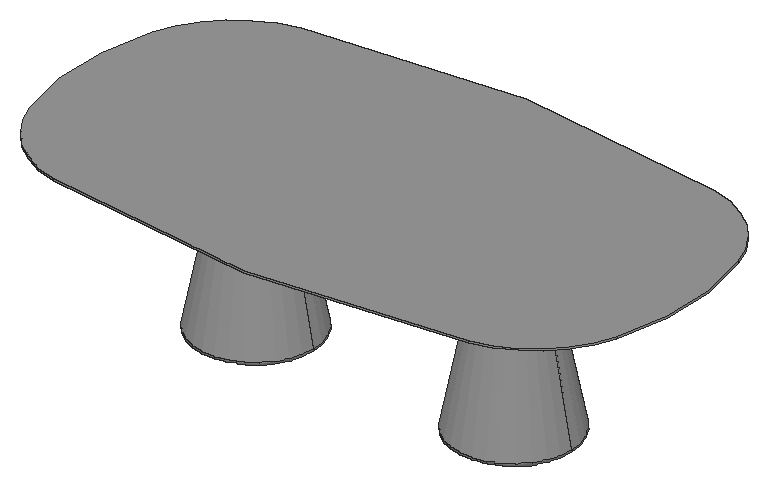
Revit family "Andreu World Reverse Conference ME5017", category Mobiliario, Revit 2014
Parameters (values of type "ME-5017 2600x1500 Lacquered")
  URL = "http://www.andreuworld.com/"
  Top Thickness = 30 mm
  Top Material = Andreu World Lacquered
  Top Length = 2600 mm
  Top Base = 715 mm
  Top Width = 1500 mm
  Top = yes
  Reference = "ME-5017"
  R Base = 250 mm
  Modelo = "Reverse Conference"
  Height = 715 mm
  Fabricante = "Andreu World"
  Descripción = "Table"
  Base position = 750 mm
  Base Material = Andreu World Thermo-polymer White
  Base Height [instance] = 715 mm
Reference planes
  plane 1 "Centro (Frontal/Posterior)": y = 0
  plane 2: z = 0
  plane 3 "Base Height": z = 715
  plane 4: z = 510
  plane 5: z = 10
  plane 6 "Top thickness": z = 745
  plane 7: z = 738
  plane 8 "Glass": z = 750
  plane 9: x = 897.159
  plane 10: x = -402.841
  plane 11: y = 750
  plane 12: x = 2197.159
  plane 13: y = -750
  plane 14: y = 680
  plane 15: x = 2127.159
  plane 16: y = -680
  plane 17: x = -332.841
  plane 18: x = 347.159
  plane 19: x = 1447.159
Forms (mm)
  Revolve 1, solid, material "Andreu World Thermo-polymer White" <- "Base Material", detail levels medium+fine
    sketch origin (60, 0, 0) x (1, 0, 0) y (0, 0, 1)
      loop
        line (287.159, 715) -> (287.159, 0) -> (527.497, 0)
        arc (527.497, 0) -> (534.895, 3.506) -> (536.866, 11.451) r 9.558
        line (536.866, 11.451) -> (437.159, 510) -> (437.159, 715) -> (287.159, 715)
      axis (287.159, 715) -> (287.159, 0)
    angle from 0 to 360
  Extrusion 2, solid, material "Andreu World Lacquered" <- "Top Material", visible <- "Top", detail levels medium+fine
    sketch origin (0, 0, 0) x (1, 0, 0) y (0, 1, 0)
      loop
        arc (28.96, 590.716) -> (-166.532, 491.281) -> (-285.245, 306.858) r 420
        arc (-285.245, 306.858) -> (-332.841, 0) -> (-285.245, -306.858) r 1012.971
        arc (-285.245, -306.858) -> (-166.532, -491.281) -> (28.96, -590.716) r 420
        arc (28.96, -590.716) -> (898.445, -679.998) -> (1767.618, -587.729) r 4208.049
        arc (1767.618, -587.729) -> (1962.972, -487.437) -> (2081.011, -302.265) r 420
        arc (2081.011, -302.265) -> (2127.159, 0) -> (2081.011, 302.265) r 1012.971
        arc (2081.011, 302.265) -> (1962.972, 487.437) -> (1767.618, 587.729) r 420
        arc (1767.618, 587.729) -> (898.445, 679.998) -> (28.96, 590.716) r 4208.049
    from 715 to 745
  Sweep 3, solid, material "Andreu World Lacquered" <- "Top Material", visible <- "Top", detail levels medium+fine
    path in 3D
      loop
        arc (28.96, -590.716, 745) -> (-166.532, -491.281, 745) -> (-285.245, -306.858, 745) r 420
        arc (-285.245, -306.858, 745) -> (-332.841, 0, 745) -> (-285.245, 306.858, 745) r 1012.971
        arc (-285.245, 306.858, 745) -> (-166.532, 491.281, 745) -> (28.96, 590.716, 745) r 420
        arc (28.96, 590.716, 745) -> (898.445, 679.998, 745) -> (1767.618, 587.729, 745) r 4208.049
        arc (1767.618, 587.729, 745) -> (1962.972, 487.437, 745) -> (2081.011, 302.265, 745) r 420
        arc (2081.011, 302.265, 745) -> (2127.159, 0, 745) -> (2081.011, -302.265, 745) r 1012.971
        arc (2081.011, -302.265, 745) -> (1962.972, -487.437, 745) -> (1767.618, -587.729, 745) r 420
        arc (1767.618, -587.729, 745) -> (898.445, -679.998, 745) -> (28.96, -590.716, 745) r 4208.049
    profile origin (898.445, -679.998, 745) x (0.001718, -0.999999, 0) y (0, 0, 1)
      loop
        line (0, -30) -> (70, -7) -> (70, 0) -> (0, 0) -> (0, -30)
  Revolve 4, solid, material "Andreu World Thermo-polymer White" <- "Base Material", detail levels medium+fine
    sketch origin (1734.318, 0, 0) x (-1, 0, 0) y (0, 0, -1)
      loop
        line (287.159, -715) -> (437.159, -715) -> (437.159, -510) -> (536.866, -11.451)
        arc (536.866, -11.451) -> (534.895, -3.506) -> (527.497, 0) r 9.558
        line (527.497, 0) -> (287.159, 0) -> (287.159, -715)
      axis (287.159, -715) -> (287.159, 0)
    angle from 0 to 360
Cuts and joins
  joined: Extrusion 2, Sweep 3
Lines and regions (mm)
  model lines, detail levels coarse+medium
    curve 1: circle (347.159, 0, 0) r 250 normal (0, 0, 1)
    curve 18: circle (1447.159, 0, 0) r 250 normal (0, 0, -1)
  sketch lines
    curve 2: arc (1767.618, -587.729, 745) -> (898.445, -679.998, 745) -> (28.96, -590.716, 745) r 4208.049
    curve 3: arc (2081.011, -302.265, 745) -> (1962.972, -487.437, 745) -> (1767.618, -587.729, 745) r 420
    curve 4: arc (2081.011, 302.265, 745) -> (2127.159, 0, 745) -> (2081.011, -302.265, 745) r 1012.971
    curve 5: arc (1767.618, 587.729, 745) -> (1962.972, 487.437, 745) -> (2081.011, 302.265, 745) r 420
    curve 6: arc (28.96, 590.716, 745) -> (898.445, 679.998, 745) -> (1767.618, 587.729, 745) r 4208.049
    curve 7: arc (-285.245, 306.858, 745) -> (-166.532, 491.281, 745) -> (28.96, 590.716, 745) r 420
    curve 8: arc (-285.245, -306.858, 745) -> (-332.841, 0, 745) -> (-285.245, 306.858, 745) r 1012.971
    curve 9: arc (28.96, -590.716, 745) -> (-166.532, -491.281, 745) -> (-285.245, -306.858, 745) r 420
  model lines, visible <- "Top", detail levels coarse+medium
    curve 10: arc (2147.062, 326.018, 0) -> (2197.296, 0, 0) -> (2147.062, -326.018, 0) r 1083.054
    curve 11: arc (-354.917, -318.401, 0) -> (-402.787, 0, 0) -> (-354.917, 318.401, 0) r 1082.854
    curve 12: arc (1782.196, -656.194, 0) -> (898.565, -749.998, 0) -> (14.617, -659.231, 0) r 4278.049
    curve 13: arc (14.617, -659.231, 0) -> (-217.19, -539.817, 0) -> (-354.917, -318.401, 0) r 490
    curve 14: arc (2147.822, -323.152, 0) -> (2010.11, -539.186, 0) -> (1782.196, -656.194, 0) r 490
    curve 15: arc (1782.196, 656.194, 0) -> (2010.11, 539.186, 0) -> (2147.822, 323.152, 0) r 490
    curve 16: arc (14.617, 659.231, 0) -> (898.565, 749.998, 0) -> (1782.196, 656.194, 0) r 4278.049
    curve 17: arc (-354.917, 318.401, 0) -> (-217.19, 539.817, 0) -> (14.617, 659.231, 0) r 490
Dimensions and locks
  locked: plane 5 to level at 10
  "Height": plane 3 "Base Height" to level
  plane 3 "Base Height" to plane 4 = 205 mm
  "Top Thickness": plane 6 "Top thickness" to plane 3 "Base Height"
  locked: plane 6 "Top thickness" to plane 7 at 7
  plane 8 "Glass" to plane 6 "Top thickness" = 5 mm
  "Top Width": plane 11 to plane 13
  equal spacing: plane 11, plane 1 "Centro (Frontal/Posterior)", plane 13
  "Top Length": plane 10 to plane 12
  equal spacing: plane 10, plane 9, plane 12
  locked: plane 10 to plane 17 at 70
  locked: plane 15 to plane 12 at 70
  locked: plane 16 to plane 13 at 70
  locked: plane 11 to plane 14 at 70
  "Base Height": plane 3 "Base Height" to level
  "Base position": plane 10 to plane 18
  "Base position": plane 12 to plane 19
  "R Base": radius of curve 1
  "R Base": radius of curve 18
  aligned and locked: level to plane 2
  aligned and locked: plane 3 "Base Height" to Revolve 1 sketch curve
  aligned and locked: Revolve 1 sketch curve to level
  aligned and locked: Revolve 1 sketch curve to Revolve 1 sketch curve
  aligned and locked: Extrusion 2 to plane 3 "Base Height"
  aligned and locked: Sweep 3 sketch curve to profile plane  (x2)
  aligned and locked: curve 12 to cut or joined group of Extrusion 2, Sweep 3
  aligned and locked: curve 13 to cut or joined group of Extrusion 2, Sweep 3
  aligned and locked: curve 14 to cut or joined group of Extrusion 2, Sweep 3
  aligned and locked: curve 15 to cut or joined group of Extrusion 2, Sweep 3
  aligned and locked: curve 16 to cut or joined group of Extrusion 2, Sweep 3
  aligned and locked: curve 17 to cut or joined group of Extrusion 2, Sweep 3
  aligned and locked: Revolve 4 sketch curve to Revolve 4 sketch curve
Automatic sketch dimensions
  plane 1 "Centro (Frontal/Posterior)" to curve 1 = 0 mm
  curve 1 to plane 18 = 0 mm
  plane 1 "Centro (Frontal/Posterior)" to curve 11 = 0 mm
  plane 1 "Centro (Frontal/Posterior)" to curve 10 = 0 mm
  plane 1 "Centro (Frontal/Posterior)" to curve 18 = 0 mm
  curve 18 to plane 19 = 0 mm
  curve 11 to plane 9 = 217.091 mm
  plane 9 to curve 10 = 217.082 mm
  curve 17 to plane 17 = 22.077 mm
  plane 15 to curve 10 = 19.903 mm  (x2)
  curve 10 to curve 14 = 0.76 mm
  curve 10 to curve 15 = 0.76 mm
  curve 10 to curve 14 = 2.865 mm
  plane 18 to Revolve 1 sketch curve = 0 mm
  Revolve 1 sketch curve to plane 4 = 0 mm
  Revolve 1 sketch curve to level = 0 mm
  Revolve 1 sketch curve to plane 3 "Base Height" = 0 mm
  Revolve 1 sketch curve to plane 18 = 150 mm
  Revolve 1 sketch curve to Revolve 1 sketch curve = 240.338 mm
  plane 5 to Revolve 1 sketch curve = 1.451 mm
  Revolve 1 sketch curve to Revolve 1 sketch curve = 9.369 mm
  plane 1 "Centro (Frontal/Posterior)" to Extrusion 2 sketch curve = 0 mm  (x2)
  plane 18 to Extrusion 2 sketch curve = 232.138 mm  (x2)
  Extrusion 2 sketch curve to plane 9 = 217.029 mm
  Extrusion 2 sketch curve to plane 9 = 5.944 mm  (x2)
  plane 9 to Extrusion 2 sketch curve = 217.029 mm
  plane 19 to Extrusion 2 sketch curve = 232.986 mm  (x2)
  plane 1 "Centro (Frontal/Posterior)" to Extrusion 2 sketch curve = 176.939 mm
  plane 1 "Centro (Frontal/Posterior)" to Extrusion 2 sketch curve = 179.628 mm
  Extrusion 2 sketch curve to plane 13 = 2778.045 mm
  Extrusion 2 sketch curve to plane 1 "Centro (Frontal/Posterior)" = 176.939 mm
  Extrusion 2 sketch curve to plane 1 "Centro (Frontal/Posterior)" = 179.628 mm
  plane 11 to Extrusion 2 sketch curve = 2778.045 mm
  Extrusion 2 sketch curve to plane 14 = 89.284 mm
  Extrusion 2 sketch curve to Extrusion 2 sketch curve = 0 mm  (x6)
  Extrusion 2 sketch curve to plane 16 = 89.284 mm
  Sweep 3 sketch curve to profile plane = 7 mm
  Sweep 3 sketch curve to profile plane = 70 mm
  Sweep 3 sketch curve to profile plane = 30 mm
  Revolve 4 sketch curve to plane 3 "Base Height" = 0 mm  (x2)
  Revolve 4 sketch curve to plane 19 = 0 mm
  Revolve 4 sketch curve to plane 4 = 0 mm
  Revolve 4 sketch curve to level = 0 mm  (x2)
  Revolve 4 sketch curve to plane 19 = 150 mm
  Revolve 4 sketch curve to plane 19 = 240.338 mm
  plane 5 to Revolve 4 sketch curve = 1.451 mm
  Revolve 4 sketch curve to Revolve 4 sketch curve = 9.369 mm
